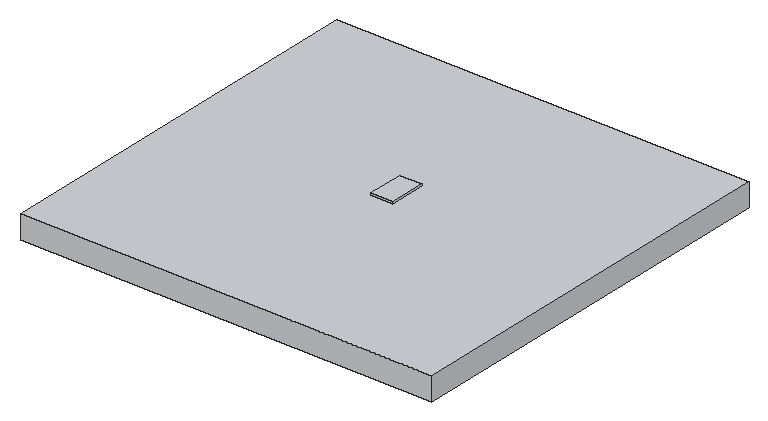
Revit family "M_Tomada à prova de clima", category Iluminação elétrica, Revit 2019
Family settings
  Hospedeiro = Face
  Manter orientação da anotação = Sim
  Cota do conector redondo = Utilizar diâmetro
  Tipo de parte = Normal
  Número OmniClass = 23.80.50.11.17
  Título OmniClass = Ground Fault Receptacles
  ID de item do Seek = Weather Proof Receptacle-0000-CAN-ENU
  Corte com vazios quando carregada = Não
  Compartilhado = Não
  Ponto de cálculo do ambiente = Não
Parameters (values of type "Padrão")
  Voltagem do interruptor = 120 V
  Classificação de carga = Receptáculo
  Carga = 180 VA
  Legenda = "WP"
  Elevação-padrão = 460 mm
  Assembly Code = ""
Reference planes
  plane 1 "Centro (Frente/Trás)": y = 0
  plane 2: z = 0
  plane 3 "Centro (Esquerda/Direita)": x = 0
  plane 4: x = -34.925
  plane 5: x = 34.925
  plane 6: x = -19.05
  plane 7: x = 19.05
  plane 8: y = 57.15
  plane 9: y = -57.15
  plane 10: y = 38.1
  plane 11: y = -38.1
  plane 12 "nível acima": z = 4.762
  plane 13 "nível abaixo": z = -53.975
Forms (mm)
  Extrusion 1, solid
    sketch origin (0, 0, 0) x (1, 0, 0) y (0, 1, 0)
      loop
        line (-644.525, 571.5) -> (-644.525, -666.75) -> (644.525, -666.75) -> (644.525, 571.5) -> (-644.525, 571.5)
    from 0 to -72.672
  Extrusion 2, solid
    sketch origin (0, 0, 0) x (1, 0, 0) y (0, 1, 0)
      loop
        line (-34.925, 57.15) -> (-34.925, -57.15) -> (34.925, -57.15) -> (34.925, 57.15) -> (-34.925, 57.15)
    from 0 to 4.762
  Extrusion 3, solid
    sketch origin (0, 0, 0) x (1, 0, 0) y (0, 1, 0)
      loop
        line (-19.05, 38.1) -> (-19.05, -38.1) -> (19.05, -38.1) -> (19.05, 38.1) -> (-19.05, 38.1)
    from 0 to -53.975
Lines and regions (mm)
  symbolic lines, detail levels fine
    curve 1: line (34.925, 0, 0) -> (-34.925, 0, 0)
    curve 2: line (34.925, 0, 4.762) -> (34.925, 0, 0)
    curve 3: line (-34.925, 0, 4.762) -> (34.925, 0, 4.762)
    curve 4: line (-34.925, 0, 0) -> (-34.925, 0, 4.762)
    curve 5: line (19.05, 0, -53.975) -> (-19.05, 0, -53.975)
    curve 6: line (19.05, 0, 0) -> (19.05, 0, -53.975)
    curve 7: line (-19.05, 0, -53.975) -> (-19.05, 0, 0)
Dimensions and locks
  equal spacing: plane 6, plane 3 "Centro (Esquerda/Direita)", plane 7, locked at 19.05 each
  locked: plane 6 to plane 7 at 38.1
  equal spacing: plane 4, plane 3 "Centro (Esquerda/Direita)", plane 5, locked at 34.925 each
  locked: plane 4 to plane 5 at 69.85
  locked: plane 8 to plane 9 at 114.3
  locked: plane 12 "nível acima" to level at 4.763
  locked: level to plane 13 "nível abaixo" at 53.975
  locked: plane 10 to plane 11 at 76.2
  equal spacing: plane 10, plane 1 "Centro (Frente/Trás)", plane 11, locked at 38.1 each
  equal spacing: plane 8, plane 1 "Centro (Frente/Trás)", plane 9, locked at 57.15 each
  aligned and locked: plane 2 to Extrusion 1
  aligned and locked: level to Extrusion 1
  aligned and locked: plane 8 to Extrusion 2
  aligned and locked: Extrusion 2 to plane 9
  aligned and locked: plane 5 to Extrusion 2
  aligned and locked: Extrusion 2 to plane 4
  aligned and locked: Extrusion 2 to level
  aligned and locked: plane 12 "nível acima" to Extrusion 2
  aligned and locked: plane 10 to Extrusion 3
  aligned and locked: Extrusion 3 to plane 6
  aligned and locked: plane 7 to Extrusion 3
  aligned and locked: Extrusion 3 to plane 11
  aligned and locked: Extrusion 3 to level
  aligned and locked: Extrusion 3 to plane 13 "nível abaixo"
  aligned and locked: curve 4 to plane 4
  aligned and locked: plane 5 to curve 2
  aligned and locked: curve 3 to plane 12 "nível acima"
  aligned and locked: plane 2 to curve 1
  aligned and locked: curve 7 to plane 6
  aligned and locked: plane 7 to curve 6
  aligned and locked: plane 13 "nível abaixo" to curve 5
  aligned and locked: plane 1 "Centro (Frente/Trás)" to nested 1
  aligned and locked: plane 3 "Centro (Esquerda/Direita)" to nested 1
Automatic sketch dimensions
  Extrusion 2 sketch curve to plane 4 = 0 mm
  Extrusion 2 sketch curve to plane 5 = 0 mm
  Extrusion 2 sketch curve to plane 9 = 0 mm
  Extrusion 2 sketch curve to plane 8 = 0 mm
  Extrusion 3 sketch curve to plane 6 = 0 mm
  Extrusion 3 sketch curve to plane 7 = 0 mm
  Extrusion 3 sketch curve to plane 11 = 0 mm
  Extrusion 3 sketch curve to plane 10 = 0 mm
  Extrusion 1 sketch curve to Extrusion 1 sketch curve = 1289.05 mm
  Extrusion 1 sketch curve to Extrusion 1 sketch curve = 1238.25 mm
Nested families
  nested 1: "M_Anotação da tomada 1" at (0, 0, 0), type "Anotação de tomada 1", detail levels coarse+medium
Connectors
  electrical at (0, 38.1, -26.988), driven by "Voltagem do interruptor", driven by "Carga", driven by "Classificação de carga"
    settings: on Extrusion 3, index 1, voltage 120 V, apparent load 0 VA, apparent load phase1 180 VA, apparent load phase2 0 VA, apparent load phase3 0 VA, power factor 1, load classification "Receptáculo", number of poles 1, system type 31, power factor state 1, is connector primary yes, connector utility no, sub classification motor no, connector description ""
Definition of nested family "M_Anotação da tomada 1"
  Parameters
    Anotação de legenda = "WP"
  Reference planes
    plane 1: y = 0
    plane 2: x = 0
  Lines and regions (mm)
    reference lines
      curve 1: line (-14.331, 3.175, 0) -> (15.536, 3.175, 0)
    detail lines
      curve 2: circle (0, 3.175, 0) r 1.588 normal (0, 0, 1)
      curve 3: line (-0.397, 4.712, 0) -> (-0.397, 0, 0)
      curve 4: line (0.397, 4.712, 0) -> (0.397, 0, 0)
  Text (mm)
    label "CTR" at (0.638, 5.698, 0), shows "Anotação de legenda"
  Dimensions and locks
    locked: plane 1 to curve 1 at 3.175
    locked: curve 3 to plane 2 at 0.397
    locked: plane 2 to curve 4 at 0.397
    radius of curve 2 = 1.588 mm
    aligned and locked: curve 1 to curve 2
    aligned and locked: plane 2 to curve 2
    aligned and locked: plane 1 to curve 4
